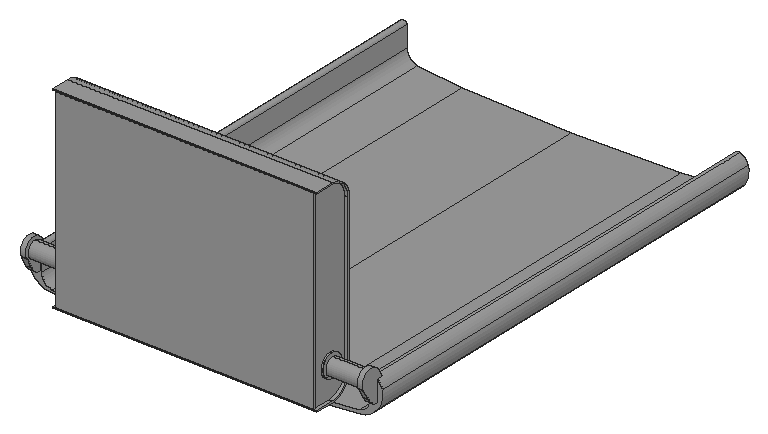
Revit family "3205 Björk Baby changing station", category Furniture Systems, host Wall, Revit 2017
Family settings
  Host = Wall
  Round Connector Dimension = Use Diameter
  Part Type = Normal
  Always vertical = Yes
  Cut with Voids When Loaded = No
  Shared = No
  Room Calculation Point = No
Parameters (values of type "Mat Sort")
  URL = "http://www.dandryer.com/en-gb/products/baby-changing-stations/3205-bjork-baby-changing-station--matt-black"
  UP = not(Down)  # no
  Type Image = <None>
  Surface = Mat Sort
  Model = "Björk-3205"
  Manufacturer = "Dan Dryer A/S"
  Down = yes
  Description = "Baby changing table"
  Cost = 0
Reference planes
  plane 1 "Wall": y = 0
  plane 2 "Center (Left/Right)": x = 125
  plane 3 "Back": y = 75
Forms (mm)
  Extrusion 1, solid, material "Blank Hvid", not visible
    sketch origin (0, 0, 0) x (1, 0, 0) y (0, 1, 0)
      loop
        arc (42.212, 95.366) -> (42.426, 94.946) -> (42.5, 94.481) r 1.5
        line (42.5, 94.481) -> (42.5, 75.3) -> (43.7, 75.3) -> (43.7, 94.481)
        arc (43.7, 94.481) -> (43.567, 95.318) -> (43.181, 96.073) r 2.7
        arc (43.181, 96.073) -> (125, 257.1) -> (206.819, 96.073) r 101.3
        arc (206.819, 96.073) -> (206.433, 95.318) -> (206.3, 94.481) r 2.7
        line (206.3, 94.481) -> (206.3, 75.3) -> (207.5, 75.3) -> (207.5, 94.481)
        arc (207.5, 94.481) -> (207.574, 94.946) -> (207.788, 95.366) r 1.5
        arc (207.788, 95.366) -> (125, 258.3) -> (42.212, 95.366) r 102.5
    from 900 to 1230
  Extrusion 2, void, not visible
    sketch origin (207.5, 94.481, 0) x (0, 1, 0) y (0, 0, -1)
      loop
        line (-19.181, -1225) -> (-19.181, -1230) -> (6.154, -1230)
        arc (6.154, -1230) -> (3.068, -1228.36) -> (2.105, -1225) r 4.47
        line (2.105, -1225) -> (-19.181, -1225)
    from -10.952 to 170.161
  Extrusion 3, void, not visible
    sketch origin (207.5, 94.481, 2130) x (0, 1, 0) y (0, 0, -1)
      loop
        line (-19.181, 1225) -> (2.105, 1225)
        arc (2.105, 1225) -> (3.068, 1228.36) -> (6.154, 1230) r 4.47
        line (6.154, 1230) -> (-19.181, 1230) -> (-19.181, 1225)
    from -6 to 179.451
  Extrusion 4, solid, not visible
    sketch origin (207.5, 75.3, 907) x (0, 1, 0) y (-1, 0, 0)
      loop
        line (0, 163.8) -> (0, 1.2) -> (19.181, 1.2)
        arc (19.181, 1.2) -> (20.018, 1.067) -> (20.773, 0.681) r 2.7
        arc (20.773, 0.681) -> (181.8, 82.5) -> (20.773, 164.319) r 101.3
        arc (20.773, 164.319) -> (20.018, 163.933) -> (19.181, 163.8) r 2.7
        line (19.181, 163.8) -> (0, 163.8)
    from 0 to -2
  Extrusion 5, void, not visible
    sketch origin (206.3, 75.3, 0) x (-1, 0, 0) y (0, 0, 1)
      loop
        arc (83.312, 976) -> (81.303, 978.014) -> (79.288, 976) r 2.012
        line (79.288, 976) -> (79.285, 930)
        arc (79.285, 930) -> (81.297, 927.986) -> (83.312, 930) r 2.012
        line (83.312, 930) -> (83.312, 976)
    from 174.915 to 189.234
  Extrusion 6, solid, not visible
    sketch origin (206.3, 75.3, 0) x (1, 0, 0) y (0, 0, 1)
      loop
        line (-83.312, 975.984) -> (-83.312, 930)
        arc (-83.312, 930) -> (-81.291, 928.118) -> (-79.287, 930.016) r 2.015
        line (-79.287, 930.016) -> (-79.288, 976)
        arc (-79.288, 976) -> (-81.309, 977.882) -> (-83.312, 975.984) r 2.015
    from -182.98 to -174.915
  Extrusion 7, solid, material "Mat Sort", not visible
    sketch origin (0, 0, 0) x (1, 0, 0) y (0, 1, 0)
      loop
        arc (42.212, 95.366) -> (42.426, 94.946) -> (42.5, 94.481) r 1.5
        line (42.5, 94.481) -> (42.5, 75.3) -> (43.7, 75.3) -> (43.7, 94.481)
        arc (43.7, 94.481) -> (43.567, 95.318) -> (43.181, 96.073) r 2.7
        arc (43.181, 96.073) -> (125, 257.1) -> (206.819, 96.073) r 101.3
        arc (206.819, 96.073) -> (206.433, 95.318) -> (206.3, 94.481) r 2.7
        line (206.3, 94.481) -> (206.3, 75.3) -> (207.5, 75.3) -> (207.5, 94.481)
        arc (207.5, 94.481) -> (207.574, 94.946) -> (207.788, 95.366) r 1.5
        arc (207.788, 95.366) -> (125, 258.3) -> (42.212, 95.366) r 102.5
    from 900 to 1230
Text (mm)
  text "Placement Side" at (-1848.837, 1116.779, 0), in view "Ref. Level"
  text "Placement side" at (0, 1409.804, 2854.306), in view "Left"
  text "Placement side" at (0, 499.811, 2980.732), in view "Right"
Dimensions and locks
  locked: plane 3 "Back" to host wall
  aligned and locked: plane 1 "Wall" to host wall
  aligned and locked: plane 3 "Back" to nested 1  (x2)
  aligned and locked: nested 1 to host wall
Nested families
  nested 1: "Master changing table" at (125, 75, 1050), type "Master changing table"
    with Table up no
Definition of nested family "Master changing table"
  Parameters (values of type "Master changing table")
    Table up = yes
    Table down = yes
    Surface = none
  Reference planes
    plane 1 "Center (Front/Back)": y = 0
    plane 2: z = 0
    plane 3 "Center (Left/Right)": x = 0
  Forms (mm)
    Extrusion 1, solid, material <- "Surface"
      sketch origin (205, 367.912, 256.022) x (0, 1, 0) y (0, 0, 1)
        loop
          line (-368.006, 0) -> (-368.006, -1.5) -> (-337.756, -1.5)
          arc (-337.756, -1.5) -> (-316.543, -10.287) -> (-307.756, -31.5) r 30
          line (-307.756, -31.5) -> (-307.756, -273.5)
          arc (-307.756, -273.5) -> (-316.543, -294.713) -> (-337.756, -303.5) r 30
          line (-337.756, -303.5) -> (-368.006, -303.5) -> (-368.006, -305) -> (-337.756, -305)
          arc (-337.756, -305) -> (-315.482, -295.774) -> (-306.256, -273.5) r 31.5
          line (-306.256, -273.5) -> (-306.256, -31.5)
          arc (-306.256, -31.5) -> (-315.482, -9.226) -> (-337.756, 0) r 31.5
          line (-337.756, 0) -> (-368.006, 0)
      from -410.457 to 0.457
    Extrusion 2, solid, material <- "Surface"
      sketch origin (-200, 30.056, 103.522) x (0, -1, 0) y (0, 0, 1)
        loop
          line (28.149, 150) -> (0.649, 150)
          arc (0.649, 150) -> (-20.564, 141.213) -> (-29.351, 120) r 30
          line (-29.351, 120) -> (-29.351, -120)
          arc (-29.351, -120) -> (-20.564, -141.213) -> (0.649, -150) r 30
          line (0.649, -150) -> (28.149, -150) -> (28.149, 150)
      from 0 to -1.5
    Extrusion 3, solid, material <- "Surface"
      sketch origin (200, 30.056, 103.522) x (0, -1, 0) y (0, 0, -1)
        loop
          line (28.149, -150) -> (28.149, 150) -> (0.649, 150)
          arc (0.649, 150) -> (-20.564, 141.213) -> (-29.351, 120) r 30
          line (-29.351, 120) -> (-29.351, -120)
          arc (-29.351, -120) -> (-20.564, -141.213) -> (0.649, -150) r 30
          line (0.649, -150) -> (28.149, -150)
      from 0 to -1.5
    Extrusion 4, solid, material <- "Surface", visible <- "Table down"
      sketch origin (0, 750.106, -53.254) x (-1, 0, 0) y (0, 0, 1)
        loop
          line (-255, 19.726) -> (-255, 51.373)
          arc (-255, 51.373) -> (-257.243, 55.544) -> (-261.96, 55.973) r 5
          arc (-261.96, 55.973) -> (-270.039, 50.067) -> (-274.685, 41.203) r 22.097
          arc (-274.685, 41.203) -> (-275.07, 26.076) -> (-268.731, 12.336) r 33.351
          arc (-268.731, 12.336) -> (-256.485, 1.616) -> (-241.13, -3.778) r 42.947
          arc (-241.13, -3.778) -> (-205.836, -8.031) -> (-170.362, -10.357) r 652.663
          arc (-170.362, -10.357) -> (-85.196, -12.728) -> (0, -13.33) r 4102.572
          arc (0, -13.33) -> (85.196, -12.728) -> (170.362, -10.357) r 4102.572
          arc (170.362, -10.357) -> (205.836, -8.031) -> (241.13, -3.778) r 652.663
          arc (241.13, -3.778) -> (256.485, 1.616) -> (268.731, 12.336) r 42.947
          arc (268.731, 12.336) -> (275.07, 26.076) -> (274.685, 41.203) r 33.351
          arc (274.685, 41.203) -> (270.039, 50.067) -> (261.96, 55.973) r 22.097
          arc (261.96, 55.973) -> (257.243, 55.544) -> (255, 51.373) r 5
          line (255, 51.373) -> (255, 19.726)
          arc (255, 19.726) -> (250.375, 7.3) -> (238.751, 0.923) r 19.004
          arc (238.751, 0.923) -> (204.558, -3.146) -> (170.196, -5.363) r 637.149
          arc (170.196, -5.363) -> (85.113, -7.758) -> (0, -8.582) r 4609.967
          arc (0, -8.582) -> (-85.113, -7.758) -> (-170.196, -5.363) r 4609.967
          arc (-170.196, -5.363) -> (-204.558, -3.146) -> (-238.751, 0.923) r 637.149
          arc (-238.751, 0.923) -> (-250.375, 7.3) -> (-255, 19.726) r 19.004
      from -709.566 to 0
    Extrusion 5, solid, material <- "Surface", visible <- "Table down"
      sketch origin (258, 29.906, 2.522) x (0, 0, 1) y (0, 1, 0)
        loop
          line (8.4, 14.549) -> (-2.6, 20.9)
          arc (-2.6, 20.9) -> (-4.503, 22.803) -> (-5.2, 25.403) r 5.2
          line (-5.2, 25.403) -> (-5.2, 41.674) -> (-6, 41.383) -> (-6, 177.6)
          arc (-6, 177.6) -> (-6.879, 179.721) -> (-9, 180.6) r 3
          line (-9, 180.6) -> (-33, 180.6)
          arc (-33, 180.6) -> (-35.121, 179.721) -> (-36, 177.6) r 3
          line (-36, 177.6) -> (-36, 30.464) -> (-36.8, 30.172) -> (-36.8, 16.166)
          arc (-36.8, 16.166) -> (-33.477, 3.766) -> (-24.4, -5.312) r 24.8
          line (-24.4, -5.312) -> (-8.4, -14.549)
          arc (-8.4, -14.549) -> (14.549, -8.4) -> (8.4, 14.549) r 16.8
      from -8 to 0
    Extrusion 6, solid, material <- "Surface", visible <- "Table down"
      sketch origin (-266, 29.906, 2.522) x (0, 0, 1) y (0, 1, 0)
        loop
          line (8.4, 14.549) -> (-2.6, 20.9)
          arc (-2.6, 20.9) -> (-4.503, 22.803) -> (-5.2, 25.403) r 5.2
          line (-5.2, 25.403) -> (-5.2, 41.674) -> (-6, 41.383) -> (-6, 177.6)
          arc (-6, 177.6) -> (-6.879, 179.721) -> (-9, 180.6) r 3
          line (-9, 180.6) -> (-33, 180.6)
          arc (-33, 180.6) -> (-35.121, 179.721) -> (-36, 177.6) r 3
          line (-36, 177.6) -> (-36, 30.464) -> (-36.8, 30.172) -> (-36.8, 16.166)
          arc (-36.8, 16.166) -> (-33.477, 3.766) -> (-24.4, -5.312) r 24.8
          line (-24.4, -5.312) -> (-8.4, -14.549)
          arc (-8.4, -14.549) -> (14.549, -8.4) -> (8.4, 14.549) r 16.8
      from -8 to 0
    Extrusion 7, solid, material <- "Surface"
      sketch origin (-258, 31.072, 1.856) x (0, 0, -1) y (0, 1, 0)
        loop
          circle (-0.065, 0.035) r 17.549
      from 53 to 462.5
    Extrusion 8, solid, material <- "Surface", visible <- "Table up"
      sketch origin (0, 85.702, 722.747) x (-1, 0, 0) y (0, -1, 0)
        loop
          line (-255, 19.726) -> (-255, 51.373)
          arc (-255, 51.373) -> (-257.243, 55.544) -> (-261.96, 55.973) r 5
          arc (-261.96, 55.973) -> (-270.039, 50.067) -> (-274.685, 41.203) r 22.097
          arc (-274.685, 41.203) -> (-275.07, 26.076) -> (-268.731, 12.336) r 33.351
          arc (-268.731, 12.336) -> (-256.485, 1.616) -> (-241.13, -3.778) r 42.947
          arc (-241.13, -3.778) -> (-205.836, -8.031) -> (-170.362, -10.357) r 652.663
          arc (-170.362, -10.357) -> (-85.196, -12.728) -> (0, -13.33) r 4102.572
          arc (0, -13.33) -> (85.196, -12.728) -> (170.362, -10.357) r 4102.572
          arc (170.362, -10.357) -> (205.836, -8.031) -> (241.13, -3.778) r 652.663
          arc (241.13, -3.778) -> (256.485, 1.616) -> (268.731, 12.336) r 42.947
          arc (268.731, 12.336) -> (275.07, 26.076) -> (274.685, 41.203) r 33.351
          arc (274.685, 41.203) -> (270.039, 50.067) -> (261.96, 55.973) r 22.097
          arc (261.96, 55.973) -> (257.243, 55.544) -> (255, 51.373) r 5
          line (255, 51.373) -> (255, 19.726)
          arc (255, 19.726) -> (250.375, 7.3) -> (238.751, 0.923) r 19.004
          arc (238.751, 0.923) -> (204.558, -3.146) -> (170.196, -5.363) r 637.149
          arc (170.196, -5.363) -> (85.113, -7.758) -> (0, -8.582) r 4609.967
          arc (0, -8.582) -> (-85.113, -7.758) -> (-170.196, -5.363) r 4609.967
          arc (-170.196, -5.363) -> (-204.558, -3.146) -> (-238.751, 0.923) r 637.149
          arc (-238.751, 0.923) -> (-250.375, 7.3) -> (-255, 19.726) r 19.004
      from -709.566 to 0
    Extrusion 9, solid, material <- "Surface", visible <- "Table up"
      sketch origin (258, 29.925, 2.547) x (0, -1, 0) y (0, 0, 1)
        loop
          line (8.4, 14.549) -> (-2.6, 20.9)
          arc (-2.6, 20.9) -> (-4.503, 22.803) -> (-5.2, 25.403) r 5.2
          line (-5.2, 25.403) -> (-5.2, 41.674) -> (-6, 41.383) -> (-6, 177.6)
          arc (-6, 177.6) -> (-6.879, 179.721) -> (-9, 180.6) r 3
          line (-9, 180.6) -> (-33, 180.6)
          arc (-33, 180.6) -> (-35.121, 179.721) -> (-36, 177.6) r 3
          line (-36, 177.6) -> (-36, 30.464) -> (-36.8, 30.172) -> (-36.8, 16.166)
          arc (-36.8, 16.166) -> (-33.477, 3.766) -> (-24.4, -5.312) r 24.8
          line (-24.4, -5.312) -> (-8.4, -14.549)
          arc (-8.4, -14.549) -> (14.549, -8.4) -> (8.4, 14.549) r 16.8
      from -8 to 0
    Extrusion 10, solid, material <- "Surface", visible <- "Table up"
      sketch origin (-266, 29.925, 2.547) x (0, -1, 0) y (0, 0, 1)
        loop
          line (8.4, 14.549) -> (-2.6, 20.9)
          arc (-2.6, 20.9) -> (-4.503, 22.803) -> (-5.2, 25.403) r 5.2
          line (-5.2, 25.403) -> (-5.2, 41.674) -> (-6, 41.383) -> (-6, 177.6)
          arc (-6, 177.6) -> (-6.879, 179.721) -> (-9, 180.6) r 3
          line (-9, 180.6) -> (-33, 180.6)
          arc (-33, 180.6) -> (-35.121, 179.721) -> (-36, 177.6) r 3
          line (-36, 177.6) -> (-36, 30.464) -> (-36.8, 30.172) -> (-36.8, 16.166)
          arc (-36.8, 16.166) -> (-33.477, 3.766) -> (-24.4, -5.312) r 24.8
          line (-24.4, -5.312) -> (-8.4, -14.549)
          arc (-8.4, -14.549) -> (14.549, -8.4) -> (8.4, 14.549) r 16.8
      from -8 to 0
    Extrusion 11, solid, material <- "Surface"
      sketch origin (-258, 30.572, 1.856) x (0, 0, -1) y (0, 1, 0)
        loop
          circle (-0.065, 0.035) r 13.035
      from 0 to 516
    Extrusion 12, solid, material <- "Surface"
      sketch origin (-258, 30.572, 1.856) x (0, 0, -1) y (0, 1, 0)
        loop
          circle (-0.065, 0.035) r 16.835
      from 54.88 to 461.953
    Extrusion 13, solid, material <- "Surface"
      sketch origin (-5125, -0.094, -947.478) x (-1, 0, 0) y (0, 0, 1)
        loop
          line (-5325, 1202) -> (-5325, 900) -> (-4925, 900) -> (-4925, 1202) -> (-5325, 1202)
      from 0 to 2
    Extrusion 14, solid, not visible
      sketch origin (-5000, 75, 0) x (-1, 0, 0) y (0, 0, 1)
        loop
          line (-5325, 1202) -> (-5325, 900) -> (-4925, 900) -> (-4925, 1202) -> (-5325, 1202)
      from 0 to 2
    Extrusion 15, solid, not visible
      sketch origin (330, 443.006, 1203.5) x (0, 1, 0) y (0, 0, 1)
        loop
          line (-368.006, 0) -> (-368.006, -1.5) -> (-337.756, -1.5)
          arc (-337.756, -1.5) -> (-316.543, -10.287) -> (-307.756, -31.5) r 30
          line (-307.756, -31.5) -> (-307.756, -273.5)
          arc (-307.756, -273.5) -> (-316.543, -294.713) -> (-337.756, -303.5) r 30
          line (-337.756, -303.5) -> (-368.006, -303.5) -> (-368.006, -305) -> (-337.756, -305)
          arc (-337.756, -305) -> (-315.482, -295.774) -> (-306.256, -273.5) r 31.5
          line (-306.256, -273.5) -> (-306.256, -31.5)
          arc (-306.256, -31.5) -> (-315.482, -9.226) -> (-337.756, 0) r 31.5
          line (-337.756, 0) -> (-368.006, 0)
      from -410.457 to 0.457
    Sweep 16, void, not visible
      path origin (330, 443.006, 1203.5) x (0, 1, 0) y (0, 0, 1)
        loop
          line (-368.006, -305) -> (-337.756, -305)
          arc (-337.756, -305) -> (-315.482, -295.774) -> (-306.256, -273.5) r 31.5
          line (-306.256, -273.5) -> (-306.256, -31.5)
          arc (-306.256, -31.5) -> (-315.482, -9.226) -> (-337.756, 0) r 31.5
          line (-337.756, 0) -> (-368.006, 0)
      profile origin (330, 90.125, 1203.5) x (0, 0, -1) y (1, 0, 0)
        loop
          line (0, 0.457) -> (0, -0.75)
          arc (0, -0.75) -> (0.75, 0) -> (1.5, -0.75) r 0.75
          line (1.5, -0.75) -> (1.5, 0.457) -> (0, 0.457)
    Sweep 17, void, not visible
      path origin (-80, 443.006, 1203.5) x (0, 1, 0) y (0, 0, -1)
        loop
          line (-368.006, 305) -> (-337.756, 305)
          arc (-337.756, 305) -> (-315.482, 295.774) -> (-306.256, 273.5) r 31.5
          line (-306.256, 273.5) -> (-306.256, 31.5)
          arc (-306.256, 31.5) -> (-315.482, 9.226) -> (-337.756, 0) r 31.5
          line (-337.756, 0) -> (-368.006, 0)
      profile origin (-80, 90.125, 1203.5) x (0, 0, 1) y (-1, 0, 0)
        loop
          line (0, 0.457) -> (-1.5, 0.457) -> (-1.5, -0.75)
          arc (-1.5, -0.75) -> (-0.75, 0) -> (0, -0.75) r 0.75
          line (0, -0.75) -> (0, 0.457)
    Extrusion 18, solid, not visible
      sketch origin (-75, 105.149, 1051) x (0, -1, 0) y (0, 0, 1)
        loop
          line (28.149, 150) -> (0.649, 150)
          arc (0.649, 150) -> (-20.564, 141.213) -> (-29.351, 120) r 30
          line (-29.351, 120) -> (-29.351, -120)
          arc (-29.351, -120) -> (-20.564, -141.213) -> (0.649, -150) r 30
          line (0.649, -150) -> (28.149, -150) -> (28.149, 150)
      from 0 to -1.5
    Extrusion 19, solid, not visible
      sketch origin (325, 105.149, 1051) x (0, -1, 0) y (0, 0, -1)
        loop
          line (28.149, -150) -> (28.149, 150) -> (0.649, 150)
          arc (0.649, 150) -> (-20.564, 141.213) -> (-29.351, 120) r 30
          line (-29.351, 120) -> (-29.351, -120)
          arc (-29.351, -120) -> (-20.564, -141.213) -> (0.649, -150) r 30
          line (0.649, -150) -> (28.149, -150)
      from 0 to -1.5
    Extrusion 20, void, not visible
      sketch origin (-75, 105.149, 1051) x (0, 1, 0) y (0, 0, 1)
        loop
          circle (-0.114, -100.935) r 17.549
      from 404.5 to -5
    Extrusion 21, solid, visible <- "Table down", not visible
      sketch origin (125, 825.199, 894.224) x (-1, 0, 0) y (0, 0, 1)
        loop
          line (-255, 19.726) -> (-255, 51.373)
          arc (-255, 51.373) -> (-257.243, 55.544) -> (-261.96, 55.973) r 5
          arc (-261.96, 55.973) -> (-270.039, 50.067) -> (-274.685, 41.203) r 22.097
          arc (-274.685, 41.203) -> (-275.07, 26.076) -> (-268.731, 12.336) r 33.351
          arc (-268.731, 12.336) -> (-256.485, 1.616) -> (-241.13, -3.778) r 42.947
          arc (-241.13, -3.778) -> (-205.836, -8.031) -> (-170.362, -10.357) r 652.663
          arc (-170.362, -10.357) -> (-85.196, -12.728) -> (0, -13.33) r 4102.572
          arc (0, -13.33) -> (85.196, -12.728) -> (170.362, -10.357) r 4102.572
          arc (170.362, -10.357) -> (205.836, -8.031) -> (241.13, -3.778) r 652.663
          arc (241.13, -3.778) -> (256.485, 1.616) -> (268.731, 12.336) r 42.947
          arc (268.731, 12.336) -> (275.07, 26.076) -> (274.685, 41.203) r 33.351
          arc (274.685, 41.203) -> (270.039, 50.067) -> (261.96, 55.973) r 22.097
          arc (261.96, 55.973) -> (257.243, 55.544) -> (255, 51.373) r 5
          line (255, 51.373) -> (255, 19.726)
          arc (255, 19.726) -> (250.375, 7.3) -> (238.751, 0.923) r 19.004
          arc (238.751, 0.923) -> (204.558, -3.146) -> (170.196, -5.363) r 637.149
          arc (170.196, -5.363) -> (85.113, -7.758) -> (0, -8.582) r 4609.967
          arc (0, -8.582) -> (-85.113, -7.758) -> (-170.196, -5.363) r 4609.967
          arc (-170.196, -5.363) -> (-204.558, -3.146) -> (-238.751, 0.923) r 637.149
          arc (-238.751, 0.923) -> (-250.375, 7.3) -> (-255, 19.726) r 19.004
      from -709.566 to 0
    Sweep 22, void, not visible
      path origin (125, 825.199, 894.224) x (-1, 0, 0) y (0, 0, 1)
        loop
          arc (-261.96, 55.973) -> (-270.039, 50.067) -> (-274.685, 41.203) r 22.097
          arc (-274.685, 41.203) -> (-275.07, 26.076) -> (-268.731, 12.336) r 33.351
          arc (-268.731, 12.336) -> (-256.485, 1.616) -> (-241.13, -3.778) r 42.947
          arc (-241.13, -3.778) -> (-205.836, -8.031) -> (-170.362, -10.357) r 652.663
          arc (-170.362, -10.357) -> (-85.196, -12.728) -> (0, -13.33) r 4102.572
          arc (0, -13.33) -> (85.196, -12.728) -> (170.362, -10.357) r 4102.572
          arc (170.362, -10.357) -> (205.836, -8.031) -> (241.13, -3.778) r 652.663
          arc (241.13, -3.778) -> (256.485, 1.616) -> (268.731, 12.336) r 42.947
          arc (268.731, 12.336) -> (275.07, 26.076) -> (274.685, 41.203) r 33.351
          arc (274.685, 41.203) -> (270.039, 50.067) -> (261.96, 55.973) r 22.097
          arc (261.96, 55.973) -> (257.243, 55.544) -> (255, 51.373) r 5
          line (255, 51.373) -> (255, 19.726)
          arc (255, 19.726) -> (250.375, 7.3) -> (238.751, 0.923) r 19.004
          arc (238.751, 0.923) -> (204.558, -3.146) -> (170.196, -5.363) r 637.149
          arc (170.196, -5.363) -> (85.113, -7.758) -> (0, -8.582) r 4609.967
          arc (0, -8.582) -> (-85.113, -7.758) -> (-170.196, -5.363) r 4609.967
          arc (-170.196, -5.363) -> (-204.558, -3.146) -> (-238.751, 0.923) r 637.149
          arc (-238.751, 0.923) -> (-250.375, 7.3) -> (-255, 19.726) r 19.004
          line (-255, 19.726) -> (-255, 51.373)
          arc (-255, 51.373) -> (-257.243, 55.544) -> (-261.96, 55.973) r 5
      profile origin (395.039, 825.199, 944.291) x (-0.757606, 0, -0.652712) y (0, 1, 0)
        loop
          arc (0, -1.006) -> (0.295, -0.295) -> (1.006, 0) r 1.006
          line (1.006, 0) -> (0, 0) -> (0, -1.006)
    Extrusion 23, void, not visible
      sketch origin (-141, 105, 950) x (0, 0, 1) y (0, 1, 0)
        loop
          line (-93.281, 10.633) -> (14.517, 10.633) -> (14.517, 49.868) -> (-93.281, 10.633)
      from -603.294 to 94
    Extrusion 24, solid, visible <- "Table down", not visible
      sketch origin (383, 105, 950) x (0, 0, 1) y (0, 1, 0)
        loop
          line (8.4, 14.549) -> (-2.6, 20.9)
          arc (-2.6, 20.9) -> (-4.503, 22.803) -> (-5.2, 25.403) r 5.2
          line (-5.2, 25.403) -> (-5.2, 41.674) -> (-6, 41.383) -> (-6, 177.6)
          arc (-6, 177.6) -> (-6.879, 179.721) -> (-9, 180.6) r 3
          line (-9, 180.6) -> (-33, 180.6)
          arc (-33, 180.6) -> (-35.121, 179.721) -> (-36, 177.6) r 3
          line (-36, 177.6) -> (-36, 30.464) -> (-36.8, 30.172) -> (-36.8, 16.166)
          arc (-36.8, 16.166) -> (-33.477, 3.766) -> (-24.4, -5.312) r 24.8
          line (-24.4, -5.312) -> (-8.4, -14.549)
          arc (-8.4, -14.549) -> (14.549, -8.4) -> (8.4, 14.549) r 16.8
      from -8 to 0
    Extrusion 25, solid, visible <- "Table down", not visible
      sketch origin (-141, 105, 950) x (0, 0, 1) y (0, 1, 0)
        loop
          line (8.4, 14.549) -> (-2.6, 20.9)
          arc (-2.6, 20.9) -> (-4.503, 22.803) -> (-5.2, 25.403) r 5.2
          line (-5.2, 25.403) -> (-5.2, 41.674) -> (-6, 41.383) -> (-6, 177.6)
          arc (-6, 177.6) -> (-6.879, 179.721) -> (-9, 180.6) r 3
          line (-9, 180.6) -> (-33, 180.6)
          arc (-33, 180.6) -> (-35.121, 179.721) -> (-36, 177.6) r 3
          line (-36, 177.6) -> (-36, 30.464) -> (-36.8, 30.172) -> (-36.8, 16.166)
          arc (-36.8, 16.166) -> (-33.477, 3.766) -> (-24.4, -5.312) r 24.8
          line (-24.4, -5.312) -> (-8.4, -14.549)
          arc (-8.4, -14.549) -> (14.549, -8.4) -> (8.4, 14.549) r 16.8
      from -8 to 0
    Extrusion 26, solid, not visible
      sketch origin (-133, 106.166, 949.334) x (0, 0, -1) y (0, 1, 0)
        loop
          circle (-0.065, 0.035) r 17.549
      from 53 to 462.5
    Extrusion 27, solid, visible <- "Table up", not visible
      sketch origin (125, 160.795, 1670.224) x (-1, 0, 0) y (0, -1, 0)
        loop
          line (-255, 19.726) -> (-255, 51.373)
          arc (-255, 51.373) -> (-257.243, 55.544) -> (-261.96, 55.973) r 5
          arc (-261.96, 55.973) -> (-270.039, 50.067) -> (-274.685, 41.203) r 22.097
          arc (-274.685, 41.203) -> (-275.07, 26.076) -> (-268.731, 12.336) r 33.351
          arc (-268.731, 12.336) -> (-256.485, 1.616) -> (-241.13, -3.778) r 42.947
          arc (-241.13, -3.778) -> (-205.836, -8.031) -> (-170.362, -10.357) r 652.663
          arc (-170.362, -10.357) -> (-85.196, -12.728) -> (0, -13.33) r 4102.572
          arc (0, -13.33) -> (85.196, -12.728) -> (170.362, -10.357) r 4102.572
          arc (170.362, -10.357) -> (205.836, -8.031) -> (241.13, -3.778) r 652.663
          arc (241.13, -3.778) -> (256.485, 1.616) -> (268.731, 12.336) r 42.947
          arc (268.731, 12.336) -> (275.07, 26.076) -> (274.685, 41.203) r 33.351
          arc (274.685, 41.203) -> (270.039, 50.067) -> (261.96, 55.973) r 22.097
          arc (261.96, 55.973) -> (257.243, 55.544) -> (255, 51.373) r 5
          line (255, 51.373) -> (255, 19.726)
          arc (255, 19.726) -> (250.375, 7.3) -> (238.751, 0.923) r 19.004
          arc (238.751, 0.923) -> (204.558, -3.146) -> (170.196, -5.363) r 637.149
          arc (170.196, -5.363) -> (85.113, -7.758) -> (0, -8.582) r 4609.967
          arc (0, -8.582) -> (-85.113, -7.758) -> (-170.196, -5.363) r 4609.967
          arc (-170.196, -5.363) -> (-204.558, -3.146) -> (-238.751, 0.923) r 637.149
          arc (-238.751, 0.923) -> (-250.375, 7.3) -> (-255, 19.726) r 19.004
      from -709.566 to 0
    Sweep 28, void, not visible
      path origin (125, 160.795, 1670.224) x (-1, 0, 0) y (0, -1, 0)
        loop
          arc (-261.96, 55.973) -> (-270.039, 50.067) -> (-274.685, 41.203) r 22.097
          arc (-274.685, 41.203) -> (-275.07, 26.076) -> (-268.731, 12.336) r 33.351
          arc (-268.731, 12.336) -> (-256.485, 1.616) -> (-241.13, -3.778) r 42.947
          arc (-241.13, -3.778) -> (-205.836, -8.031) -> (-170.362, -10.357) r 652.663
          arc (-170.362, -10.357) -> (-85.196, -12.728) -> (0, -13.33) r 4102.572
          arc (0, -13.33) -> (85.196, -12.728) -> (170.362, -10.357) r 4102.572
          arc (170.362, -10.357) -> (205.836, -8.031) -> (241.13, -3.778) r 652.663
          arc (241.13, -3.778) -> (256.485, 1.616) -> (268.731, 12.336) r 42.947
          arc (268.731, 12.336) -> (275.07, 26.076) -> (274.685, 41.203) r 33.351
          arc (274.685, 41.203) -> (270.039, 50.067) -> (261.96, 55.973) r 22.097
          arc (261.96, 55.973) -> (257.243, 55.544) -> (255, 51.373) r 5
          line (255, 51.373) -> (255, 19.726)
          arc (255, 19.726) -> (250.375, 7.3) -> (238.751, 0.923) r 19.004
          arc (238.751, 0.923) -> (204.558, -3.146) -> (170.196, -5.363) r 637.149
          arc (170.196, -5.363) -> (85.113, -7.758) -> (0, -8.582) r 4609.967
          arc (0, -8.582) -> (-85.113, -7.758) -> (-170.196, -5.363) r 4609.967
          arc (-170.196, -5.363) -> (-204.558, -3.146) -> (-238.751, 0.923) r 637.149
          arc (-238.751, 0.923) -> (-250.375, 7.3) -> (-255, 19.726) r 19.004
          line (-255, 19.726) -> (-255, 51.373)
          arc (-255, 51.373) -> (-257.243, 55.544) -> (-261.96, 55.973) r 5
      profile origin (395.039, 110.728, 1670.224) x (-0.757606, 0.652712, 0) y (0, 0, 1)
        loop
          arc (0, -1.006) -> (0.295, -0.295) -> (1.006, 0) r 1.006
          line (1.006, 0) -> (0, 0) -> (0, -1.006)
    Extrusion 29, void, not visible
      sketch origin (-141, 105.019, 950.025) x (0, -1, 0) y (0, 0, 1)
        loop
          line (-93.281, 10.633) -> (14.517, 10.633) -> (14.517, 49.868) -> (-93.281, 10.633)
      from -603.294 to 94
    Extrusion 30, solid, visible <- "Table up", not visible
      sketch origin (383, 105.019, 950.025) x (0, -1, 0) y (0, 0, 1)
        loop
          line (8.4, 14.549) -> (-2.6, 20.9)
          arc (-2.6, 20.9) -> (-4.503, 22.803) -> (-5.2, 25.403) r 5.2
          line (-5.2, 25.403) -> (-5.2, 41.674) -> (-6, 41.383) -> (-6, 177.6)
          arc (-6, 177.6) -> (-6.879, 179.721) -> (-9, 180.6) r 3
          line (-9, 180.6) -> (-33, 180.6)
          arc (-33, 180.6) -> (-35.121, 179.721) -> (-36, 177.6) r 3
          line (-36, 177.6) -> (-36, 30.464) -> (-36.8, 30.172) -> (-36.8, 16.166)
          arc (-36.8, 16.166) -> (-33.477, 3.766) -> (-24.4, -5.312) r 24.8
          line (-24.4, -5.312) -> (-8.4, -14.549)
          arc (-8.4, -14.549) -> (14.549, -8.4) -> (8.4, 14.549) r 16.8
      from -8 to 0
    Extrusion 31, solid, visible <- "Table up", not visible
      sketch origin (-141, 105.019, 950.025) x (0, -1, 0) y (0, 0, 1)
        loop
          line (8.4, 14.549) -> (-2.6, 20.9)
          arc (-2.6, 20.9) -> (-4.503, 22.803) -> (-5.2, 25.403) r 5.2
          line (-5.2, 25.403) -> (-5.2, 41.674) -> (-6, 41.383) -> (-6, 177.6)
          arc (-6, 177.6) -> (-6.879, 179.721) -> (-9, 180.6) r 3
          line (-9, 180.6) -> (-33, 180.6)
          arc (-33, 180.6) -> (-35.121, 179.721) -> (-36, 177.6) r 3
          line (-36, 177.6) -> (-36, 30.464) -> (-36.8, 30.172) -> (-36.8, 16.166)
          arc (-36.8, 16.166) -> (-33.477, 3.766) -> (-24.4, -5.312) r 24.8
          line (-24.4, -5.312) -> (-8.4, -14.549)
          arc (-8.4, -14.549) -> (14.549, -8.4) -> (8.4, 14.549) r 16.8
      from -8 to 0
    Extrusion 32, solid, not visible
      sketch origin (-133, 105.666, 949.334) x (0, 0, -1) y (0, 1, 0)
        loop
          circle (-0.065, 0.035) r 13.035
      from 0 to 516
    Extrusion 33, solid, not visible
      sketch origin (-133, 105.666, 949.334) x (0, 0, -1) y (0, 1, 0)
        loop
          circle (-0.065, 0.035) r 16.835
      from 54.88 to 461.953
  Lines and regions (mm)
    reference lines, not visible
      curve 1: line (125, 825.199, 1226.874) -> (125, 825.199, 885.642)
      curve 2: line (125, 419.974, 1670.224) -> (125, -185.026, 1670.224)
  Dimensions and locks
    locked: Extrusion 13 to Extrusion 13 at 2
    aligned and locked: level to plane 2
    aligned and locked: Extrusion 3 to Extrusion 13
